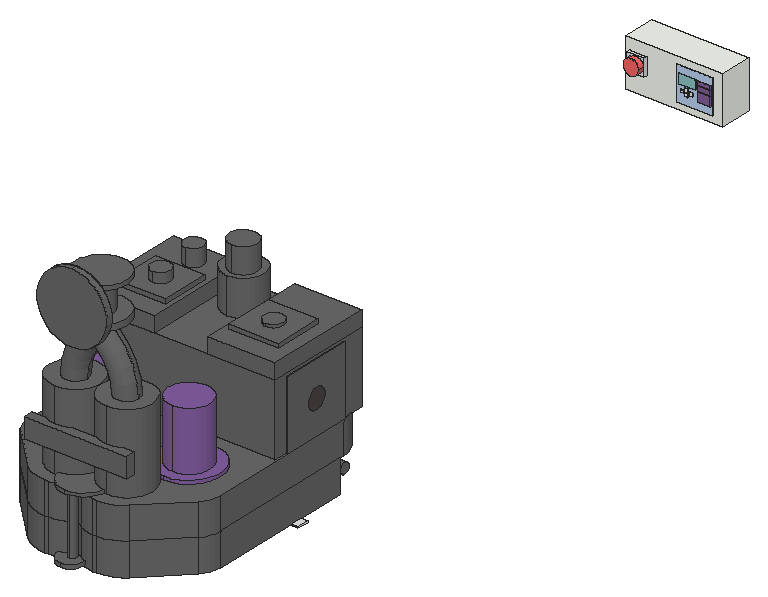
Revit family "11075", category Generic Models, Revit 2021 (continued)
Definition of nested family "11075_part2_X0Y0"
  Definition of nested family "11075_part2_content"
    Forms (mm)
      Extrusion 32, solid, detail levels medium+fine
        sketch origin (-225, 36, 596) x (0, 1, 0) y (-1, 0, 0)
          loop
            circle (0, 0) r 37.5
        from 0 to 65
      Extrusion 33, solid, detail levels medium+fine
        sketch origin (105, -305.8, 535) x (0, 1, 0) y (0, 0, 1)
          loop
            line (0, 61) -> (0, 0) -> (425.8, 0) -> (425.8, 61) -> (0, 61)
        from 0 to 265
      Extrusion 34, solid, detail levels medium+fine
        sketch origin (125, -226.5, 596) x (0, 1, 0) y (0, 0, 1)
          loop
            line (0, 17) -> (0, 0) -> (195, 0) -> (195, 17) -> (0, 17)
        from 0 to 195
      Extrusion 35, solid, detail levels medium+fine
        sketch origin (222.5, -129, 613) x (0, 1, 0) y (-1, 0, 0)
          loop
            circle (0, 0) r 38
        from 0 to 10
      Extrusion 36, solid, detail levels medium+fine
        sketch origin (369.97, -255.75, 256) x (0, 1, 0) y (0, 0, 1)
          loop
            line (0, 271.75) -> (0, 0) -> (281.75, 0) -> (281.75, 271.75) -> (0, 271.75)
        from 0 to 10
      Extrusion 37, solid, detail levels medium+fine
        sketch origin (379, -115, 392) x (0, -1, 0) y (0, 0, -1)
          loop
            circle (0, 0) r 40
        from 0 to 1.6
      Extrusion 38, solid, detail levels medium+fine
        sketch origin (-379.97, -255.75, 256) x (0, 1, 0) y (0, 0, 1)
          loop
            line (0, 271.75) -> (0, 0) -> (281.75, 0) -> (281.75, 271.75) -> (0, 271.75)
        from 0 to 10
      Extrusion 39, solid, detail levels medium+fine
        sketch origin (-379, -115, 392) x (0, 1, 0) y (0, 0, -1)
          loop
            circle (0, 0) r 40
        from 0 to 1.6
      Extrusion 40, solid, detail levels medium+fine
        sketch origin (379.5, -242.5, 0) x (0, 1, 0) y (0, 0, 1)
          loop
            line (0, 5) -> (0, 0) -> (45, 0) -> (45, 5) -> (0, 5)
        from 0 to 30.5
      Extrusion 41, solid, detail levels medium+fine
        sketch origin (-410, -242.5, 0) x (0, 1, 0) y (0, 0, 1)
          loop
            line (0, 5) -> (0, 0) -> (45, 0) -> (45, 5) -> (0, 5)
        from 0 to 30.5
      Extrusion 42, solid, detail levels medium+fine
        sketch origin (271, 56, 60) x (0, 1, 0) y (0, 0, 1)
          loop
            circle (0, 0) r 20
        from 0 to 83.5
      Extrusion 43, solid, detail levels coarse
        sketch origin (0, -384.7, 0) x (1, 0, 0) y (0, 1, 0)
          loop
            line (-410, -515.3) -> (410, -515.3) -> (410, 515.3) -> (-410, 515.3) -> (-410, -515.3)
        from 0 to 1033.75
    Dimensions and locks
      aligned and locked: level to plane 2
